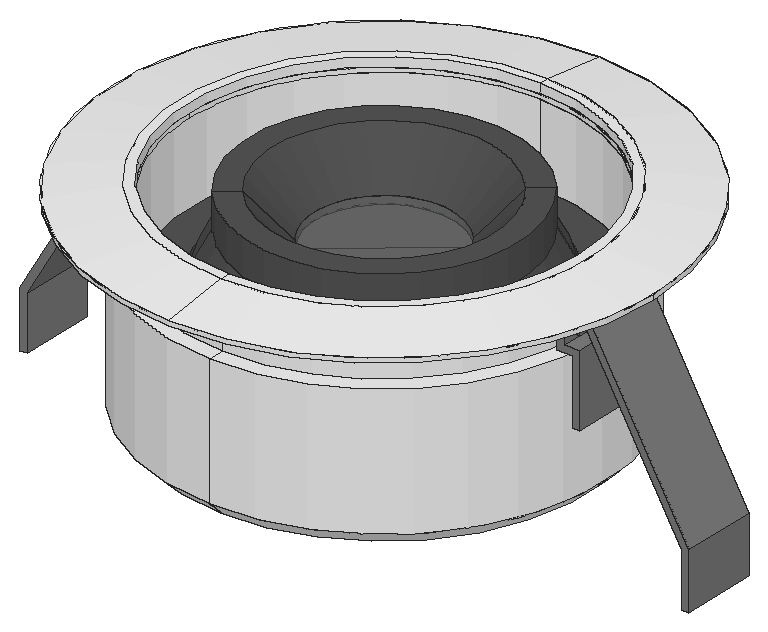
Revit family "Cameo 1.7", category Lighting Fixtures, host Face, Revit 2017
Family settings
  Host = Face
  Round Connector Dimension = Use Diameter
  Part Type = Normal
  Cut with Voids When Loaded = Yes
  Light Source = No
  Shared = No
  Room Calculation Point = Yes
Parameters (values of type "Cameo 1.7_L 52° (3000K 2.5W 24Vdc)")
  Wiring = "parallel"
  Width mm = 58 mm
  Weight kg = "0.07 kg"
  Voltage = 24 V
  Vertical rotation min = -20.00°
  Vertical rotation adjusted [instance] = if(Vertical rotation < Vertical rotation min, Vertical rotation min, if(Vertical rotation > Vertical rotation max, Vertical rotation max, Vertical rotation))  # 0.00°
  Vertical rotation [instance] = 0.00°
  Vertical rotation max = 20.00°
  Vertical Rotation max = 20.00°
  URL Technical sheet = "https://www.lucelight.it/media/prodotti/st/ST_CAMEO_17.pdf"
  URL Image = "https://www.lucelight.it/media/prodotti/foto/cameo_1.7_still.jpg"
  URL IES Photometric file = "https://www.lucelight.it/media/prodotti/fotometrie/cameo_1.7_ies.zip"
  URL General code = "https://www.lucelight.it/en/prodotto.php/118486#a-generacodice"
  URL Description = "https://www.lucelight.it/en/capitolato.php/118486"
  URL DXF = "https://www.lucelight.it/media/prodotti/dxf/cameo_1.7.dxf"
  URL Catalogue = "-"
  URL Accessories and power supply units = "https://www.lucelight.it/en/prodotto.php/118486#a-scheda-accessori"
  URL = "https://www.lucelight.it/en/prodotto.php/118486"
  Springs = L&L_C 67 annealed steel
  Radius void = 25 mm
  Power supply unit = "not included"
  Power supply = "24Vdc"
  Power cables = "includes 1.5 m PVC cable FROR 2x0.35/0.35 Ø3.5 m"
  Power = "2.5W"
  Optics = "52°"
  Notes = "The light beam can be precisely directed thanks to the great adjustability of the optical unit: rotation up to 360° around the vertical axis and 20° along the horizontal axis"
  No. and type of led = "1 power LED, 1/4 ANSI BIN, 50 000h L90 B10 (Ta 25°C)"
  Model = "Cameo 1.7"
  Manufacturer = "L&L Luce&Light"
  Light Source = Light Source : L52°
  Geometry 2 = Cameo1.7_mod : Cameo 1.7
  Mounting = "recessed (ceilings, and false ceilings and niches in plasterboard)"
  Material = "body and trim in aluminium"
  Lumen output at source = "157 lm (3000K)"
  Lens = L&L_Tempered extra-clear glass
  Length mm = 58 mm
  LED Colour = "3000K (also available: 2700K and 4000K - ref. URL Technical sheet)"
  L1 = 10.5 mm
  IP = "40"
  Horizontal rotation [instance] = 50.00°
  Horizontal rotation max = 360.00°
  Horizontal rotation adjusted [instance] = if(Horizontal rotation > Horizontal rotation max, Horizontal rotation max, Horizontal rotation)  # 50.00°
  Height void = 30 mm
  Height mm = 28 mm
  Geometry 1 = Cameo1.7_fixed : Cameo1.7_fixed
  Frame = L&L_Black anodized
  Features = "-"
  Energy efficiency class = "A A+ A++"
  Description = "Recessed for indoor applications"
  Delivered lumen output = "144 lm (3000K, 29°)"
  Default Elevation = 1219.2 mm
  Cutout dimensions = "diam. 54 mm"
  Control system = "-"
  Contact = "T: +39 0444 360571; E: lucelight@lucelight.it"
  Company = "L&L Luce&Light"
  Code = "CM1700100050SN Black; CM1700100050SE White"
  CRI = "90"
  Body = L&L_White anodized aluminium
  Geometry 3 = Cameo1.7_frame : Cameo1.7_frame
  Apparent Load Phase 1 = 2.5 W
Types (5, lengths in mm): name | Optics | Light Source | Description
  Cameo 1.7_L 52° (3000K 2.5W 24Vdc) | "52°" | Light Source : L52° | "Recessed for indoor applications"
  Cameo 1.7_M 29° (3000K 2.5W 24Vdc) | "29°" | Light Source : M29° | "indoor recessed"
  Cameo 1.7_P 48° (3000K 2.5W 24Vdc) | "48°" | Light Source : P48° | "indoor recessed"
  Cameo 1.7_S 17° (3000K 2.5W 24Vdc) | "17°" | Light Source : S17° | "indoor recessed"
  Cameo 1.7_W 16°x34° (3000K 2.5W 24Vdc) | "16°x34°" | Light Source : W16°x34° | "indoor recessed"
Reference planes
  plane 1 "Center (Front/Back)": y = 0
  plane 2: z = 0
  plane 3 "Center (Left/Right)": x = 0
  plane 4: z = -30
Forms (mm)
  Extrusion 1, void
    sketch origin (0, 0, 0) x (-0.766044, -0.642788, 0) y (-0.642788, 0.766044, 0)
      loop
        circle (0, 0) r 25
    from 0 to 30
  Extrusion 2, void
    sketch origin (0, 0, 0) x (-0.766044, -0.642788, 0) y (-0.642788, 0.766044, 0)
      loop
        circle (0, 0) r 25
    from 0 to 30
Lines and regions (mm)
  reference lines
    curve 1: line (0, 0, 0) -> (-6.749, 8.043, 0)
    curve 2: line (-6.749, 8.043, 0) -> (-6.749, 8.043, 1.5)
Dimensions and locks
  "L1": curve 1 to curve 1
  "Height void": plane 4 to plane 2
  "Radius void": radius of Extrusion 1 sketch curve
  "Radius void": radius of Extrusion 2 sketch curve
  "Horizontal rotation adjusted": angle curve 1 to plane 1 "Center (Front/Back)"
  aligned and locked: plane 2 to host face
  aligned and locked: level to host face
  aligned and locked: Extrusion 1 to plane 4
  aligned and locked: plane 2 to Extrusion 1
  aligned and locked: nested 1 to nested 2
  aligned and locked: Extrusion 2 to plane 4
Automatic sketch dimensions
  host sketch curve to host sketch curve = 2438.4 mm  (x2)
  curve 2 to curve 1 = 0 mm  (x2)
  curve 1 to curve 2 = 1.5 mm
  plane 1 "Center (Front/Back)" to curve 1 = 0 mm
  curve 1 to plane 3 "Center (Left/Right)" = 0 mm
  Extrusion 1 sketch curve to curve 1 = 0 mm  (x2)
  Extrusion 2 sketch curve to curve 1 = 0 mm  (x2)
Nested families
  nested 1: "Cameo1.7_frame" at (0, 0, -10.1) x (0.6428, -0.766, 0) z (0, 0, 1), type <- "Geometry 3", type "Cameo1.7_frame"
  nested 2: "Cameo1.7_fixed" at (0, 0, 0), type <- "Geometry 1", type "Cameo1.7_fixed"
  nested 3: "Cameo1.7_mod" at (0, 0, -12.6) x (-0.6428, 0.766, 0) z (0, 0, 1), type <- "Geometry 2", Vertical rotation <- "Vertical rotation adjusted", type "Cameo 1.7"
    with Vertical rotation 0.00°
  nested 4: "Light Source" at (0.003, -1.018, -4.34) x (0.766, 0.6428, 0) z (0, 0, 1), type <- "Light Source", type "L52°"
Connectors
  electrical at (0, 0, 0), driven by "Voltage", driven by "Apparent Load Phase 1"
    settings: on host face, index 1, voltage 24 V, apparent load 0 VA, apparent load phase1 2.5 VA, apparent load phase2 0 VA, apparent load phase3 0 VA, power factor 1, load classification "Lighting", number of poles 1, system type 31, power factor state 1, is connector primary yes, connector utility no, sub classification motor no, connector description ""
Definition of nested family "Cameo1.7_frame"
  Parameters (values of type "Cameo1.7_frame")
    Frame = none
    Default Elevation = 1219.2 mm
  Reference planes
    plane 1 "Light Source Axis (F/B)": y = 0
    plane 2: z = 0
    plane 3 "Light Source Axis (L/R)": x = 0
    plane 4 "Light Source Elevation": z = 1500
  Forms (mm)
    Extrusion 1, solid, material <- "Frame"
      sketch origin (0, 0, 0) x (1, 0, 0) y (0, 1, 0)
        loop
          circle (0, 0) r 21
        loop
          circle (0, 0) r 17.2
      from 0 to 1.5
  Dimensions and locks
    aligned and locked: level to plane 2
Definition of nested family "Cameo1.7_fixed"
  Parameters (values of type "Cameo1.7_fixed")
    Springs = none
    Body = none
  Reference planes
    plane 1 "Light Source Axis (F/B)": y = 0
    plane 2: z = 0
    plane 3 "Light Source Axis (L/R)": x = 0
    plane 4 "Light Source Elevation": z = 1.5
    plane 5: y = 23.5
    plane 6: y = -23.5
    plane 7: x = -23.5
    plane 8: x = 23.5
    plane 9: z = -26.92
    plane 10: y = -21.893
    plane 11: y = -18.647
    plane 12: y = -17.15
    plane 13: y = -20.9
  Forms (mm)
    Extrusion 1, solid, material <- "Body", detail levels coarse
      sketch origin (0, 0, 0) x (1, 0, 0) y (0, 1, 0)
        loop
          circle (0, 0) r 29
      from -26.92 to 1.5
    Extrusion 2, solid, material <- "Body", detail levels medium
      sketch origin (0, 0, 0) x (1, 0, 0) y (0, 1, 0)
        loop
          circle (0, 0) r 29
        loop
          circle (0, 0) r 21
      from 0 to 1.5
    Revolve 3, solid, material <- "Body", detail levels medium
      sketch origin (0, 0, 0) x (0, 1, 0) y (0, 0, 1)
        loop
          line (-23.5, 0) -> (-23.5, -21.1) -> (0, -21.1) -> (0, -19.6) -> (-21, -19.6) -> (-21, 0) -> (-23.5, 0)
        axis (0, 0) -> (0, -21.1)
      angle from 0 to 360
    Revolve 4, solid, material <- "Body", detail levels fine
      sketch origin (0, 0, 0) x (0, 1, 0) y (0, 0, 1)
        loop
          line (-29, 0.5) -> (-21, 0.5) -> (-21, 1.5) -> (-22, 1.5) -> (-29, 0.5)
        axis (0, 1.5) -> (0, 0.5)
      angle from 0 to 360
    Extrusion 5, solid, material <- "Body", detail levels fine
      sketch origin (0, 0, 0) x (1, 0, 0) y (0, 1, 0)
        loop
          circle (0, 0) r 29
        loop
          circle (0, 0) r 21
      from 0 to 0.5
    Revolve 6, solid, material <- "Body", detail levels fine
      sketch origin (0, 0, 0) x (0, 1, 0) y (0, 0, 1)
        loop
          line (-23.5, 0) -> (-23.5, -2.6) -> (-21.75, -2.6) -> (-21.75, -5.6) -> (-23.5, -5.6) -> (-23.5, -19.6) -> (-22, -21.1) -> (-15.701, -21.1)
          arc (-15.701, -21.1) -> (-15.802, -20.156) -> (-16.08, -19.249) r 5
          arc (-16.08, -19.249) -> (-17.267, -14.751) -> (-17.219, -10.1) r 17.4
          line (-17.219, -10.1) -> (-21, -10.1) -> (-21, 0) -> (-23.5, 0)
        axis (0, 0) -> (0, -21.1)
      angle from 0 to 360
  Dimensions and locks
    plane 9 to plane 4 "Light Source Elevation" = 28.42 mm
    aligned and locked: level to plane 2
    aligned and locked: Extrusion 1 to plane 4 "Light Source Elevation"
    aligned and locked: plane 9 to Extrusion 1
  Nested families
    nested 1: "Springs" at (23.5, 5.4, -12.5) x (0, 1, 0) z (0, 0, -1), type "Springs", detail levels fine
    nested 2: "Springs" at (-23.5, 5.4, -12.5) x (0, 1, 0) z (0, 0, -1), type "Springs", detail levels fine
  Definition of nested family "Springs"
    Parameters (values of type "Springs")
      Springs = none
      Default Elevation = 1219.2 mm
    Reference planes
      plane 1 "Light Source Axis (F/B)": y = 0
      plane 2: z = 0
      plane 3 "Light Source Axis (L/R)": x = 0
      plane 4 "Light Source Elevation": z = 1500
    Forms (mm)
      Extrusion 1, solid, material <- "Springs"
        sketch origin (-1.4, -105.269, -78.274) x (0, 1, 0) y (0, 0, -1)
          loop
            line (103.963, -66.336) -> (92.769, -85.724) -> (92.769, -91.724) -> (93.569, -91.724) -> (93.569, -85.939) -> (104.469, -67.059) -> (104.469, -69.174) -> (106.169, -69.174) -> (106.169, -70.574) -> (104.469, -70.574) -> (104.469, -78.274) -> (105.269, -78.274) -> (105.269, -71.374) -> (106.969, -71.374) -> (106.969, -68.374) -> (105.269, -68.374) -> (105.269, -66.686)
            arc (105.269, -66.686) -> (104.75, -66.01) -> (103.963, -66.336) r 0.7
        from 0 to 8
    Dimensions and locks
      aligned and locked: level to plane 2
Definition of nested family "Cameo1.7_mod"
  Parameters (values of type "Cameo 1.7")
    Vertical rotation [instance] = 10.00°
    Springs = none
    Lens = none
    Frame = none
    Default Elevation = 1219.2 mm
  Reference planes
    plane 1 "Light Source Axis (F/B)": y = 0
    plane 2: z = 0
    plane 3 "Light Source Axis (L/R)": x = 0
    plane 4 "Light Source Elevation": z = 0
    plane 5: z = 0
  Lines and regions (mm)
    reference lines
      curve 1: line (0, 0, -6.093) -> (0, 0, 0)
      curve 2: line (0, 0, 0) -> (-135.711, 0, 23.929)
  Dimensions and locks
    "Vertical rotation": angle curve 2 to plane 5
    aligned and locked: level to plane 2
  Automatic sketch dimensions
    curve 2 to level = 0 mm
    curve 2 to plane 3 "Light Source Axis (L/R)" = 0 mm
    curve 1 to curve 1 = 6.093 mm
  Nested families
    nested 1: "Cameo1.7_movable" at (2.264, 0, 12.842) x (-0.9848, 0, 0.1736) z (0.1736, 0, 0.9848), type "Cameo1.7_movable"
  Definition of nested family "Cameo1.7_movable"
    Parameters (values of type "Cameo1.7_movable")
      Springs = none
      Lens = none
      Frame = none
      Default Elevation = 1219.2 mm
    Reference planes
      plane 1 "Light Source Axis (F/B)": y = 0
      plane 2: z = 0
      plane 3 "Light Source Axis (L/R)": x = 0
      plane 4 "Light Source Elevation": z = 1500
      plane 5: y = -17.15
      plane 6: y = -14.5
      plane 7: y = -11.9
      plane 8: y = -7.5
      plane 9: y = 14.5
      plane 10: y = -14.5
    Forms (mm)
      Revolve 1, solid, material <- "Frame", detail levels fine
        sketch origin (0, 0, 0) x (0, 1, 0) y (0, 0, 1)
          loop
            line (-11.9, 0) -> (-14.5, 0) -> (-14.5, -3.7)
            arc (-14.5, -3.7) -> (-17.232, -12.256) -> (-15.293, -21.025) r 17.25
            line (-15.293, -21.025) -> (-14.406, -21.562) -> (0, -21.562) -> (0, -5.6) -> (-7.5, -5.6) -> (-7.5, -4.78) -> (-11.9, 0)
          axis (0, 0) -> (0, -21.562)
        angle from 0 to 360
      Extrusion 2, solid, material <- "Lens", detail levels fine
        sketch origin (0, 0, 0) x (1, 0, 0) y (0, 1, 0)
          loop
            circle (0, 0) r 7.5
        from -5.6 to -4.78
      Revolve 3, solid, material <- "Frame", detail levels medium
        sketch origin (0, 0, 0) x (0, 1, 0) y (0, 0, 1)
          loop
            line (-7.5, -0.8) -> (-7.5, 0) -> (-14.5, 0) -> (-14.5, -16.261) -> (0, -16.261) -> (0, -0.8) -> (-7.5, -0.8)
          axis (0, 0) -> (0, -16.261)
        angle from 0 to 360
      Extrusion 4, solid, material <- "Lens", detail levels medium
        sketch origin (0, 0, 4.78) x (1, 0, 0) y (0, 1, 0)
          loop
            circle (0, 0) r 7.5
        from -5.6 to -4.78
      Revolve 5, solid, material <- "Frame", detail levels coarse
        sketch origin (0, 0, 0) x (0, 1, 0) y (0, 0, 1)
          loop
            line (0, 0) -> (-14.5, 0) -> (-14.5, -16.261) -> (0, -16.261) -> (0, 0)
          axis (0, 0) -> (0, -16.261)
        angle from 0 to 360
    Dimensions and locks
      aligned and locked: level to plane 2
      aligned and locked: Revolve 1 to Revolve 1
Definition of nested family "Light Source"
  Parameters (values of type "L52°")
    Wattage = 2.5 W
    built-in parameter 1150110 = 1 (stored number, unit not read)
    built-in parameter 1114217 = 1 (stored number, unit not read)
    Tilt Angle = 0.00°
    built-in parameter 1150109 = 1 (stored number, unit not read)
    built-in parameter 1150134 = (empty or 0)
    built-in parameter 1150113 = 1 (stored number, unit not read)
    Photometric Web File = "CAMEO 1.7 L 52° [3000K 2.5W 24Vdc].IES"
    Lumens = 371.355 lm
    built-in parameter 1150115 = 1 (stored number, unit not read)
    built-in parameter 1150105 = 29.551 (stored number, unit not read)
    built-in parameter 1150137 = (empty or 0)
    built-in parameter 1150139 = (empty or 0)
    built-in parameter 1150112 = 1 (stored number, unit not read)
    built-in parameter 1150114 = 1 (stored number, unit not read)
    built-in parameter 1150132 = 2
    built-in parameter 1150102 = (empty or 0)
    built-in parameter 1150138 = (empty or 0)
    built-in parameter 1150107 = 3000 (stored number, unit not read)
    built-in parameter 1150106 = 0.29551 (stored number, unit not read)
    built-in parameter 1150104 = 13.8 (stored number, unit not read)
    Dimming Lamp Color Temperature Shift = (empty or 0)
    Default Elevation = 1219.2 mm
    Color Filter = 16777215
    built-in parameter 1114218 = 1 (stored number, unit not read)
    built-in parameter 1150133 = 10 (stored number, unit not read)
  Types (5, lengths in mm): name | Photometric Web File
    L52° | "CAMEO 1.7 L 52° [3000K 2.5W 24Vdc].IES"
    M29° | "CAMEO 1.7 M 29° [3000K 2.5W 24Vdc].IES"
    P48° | "CAMEO 1.7 P (48°) [3000K 2.5W 24Vdc].IES"
    S17° | "CAMEO 1.7 S 17° [3000K 2.5W 24Vdc].IES"
    W16°x34° | "CAMEO 1.7 W 16°x34° [3000K 2.5W 24Vdc].IES"
  Reference planes
    plane 1 "Light Source Axis (F/B)": y = 0
    plane 2: z = 0
    plane 3 "Light Source Axis (L/R)": x = 0
    plane 4 "Light Source Elevation": z = 0
  Dimensions and locks
    aligned and locked: plane 1 "Light Source Axis (F/B)" to imposter light
    aligned and locked: level to plane 2
